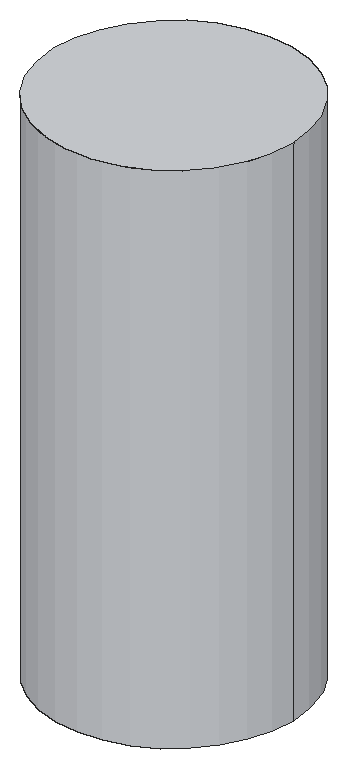
Revit family "CVC_Ballon-tampon_Weishaupt_WES-1000-WP-B", category Equipement de génie climatique, Revit 2026
Family settings
  Cote de connecteur circulaire = Utiliser le diamètre
  Type d'élément = Normal
  Basée sur le plan de construction = Non
  Toujours verticalement = Oui
  Couper avec des vides une fois chargée = Non
  Conserver l'orientation des annotations = Non
  Partagée = Non
  Repère de localisation dans la pièce = Non
Parameters (values of type "Standard")
  Modèle = "WES 1000 WP/B"
  Fabricant = "Weishaupt"
  Elévation par défaut = 0 mm
  Description = "Ballon tampon 1000 L (CCTP lot 12 Â§ 4.3)"
  Commentaires du type = "Famille simplifiee : diametre 990 mm isole, hauteur 2135 mm (donnees Weishaupt / Loebbeshop)"
Reference planes
  plane 1 "Centre (avant/arrière)": y = 0
  plane 2: z = 0
  plane 3 "Centre (gauche/droite)": x = 0
Forms (mm)
  Extrusion 1, solid
    sketch origin (0, 0, 0) x (1, 0, 0) y (0, 1, 0)
      loop
        circle (0, 0) r 495
    from 0 to 2135
  Extrusion 2, solid
    sketch origin (0, 0, 2135) x (1, 0, 0) y (0, 1, 0)
      loop
        circle (-200, 0) r 25
    from 0 to 60
  Extrusion 3, solid
    sketch origin (0, 0, 2135) x (1, 0, 0) y (0, 1, 0)
      loop
        circle (200, 0) r 25
    from 0 to 60
Dimensions and locks
  aligned and locked: level to plane 2
Connectors
  piping at (-200, 0, 2195), diameter 50
    settings: on Extrusion 2, index 1, connector inside diameter 609.6 mm, connector length 0 mm, flow factor 0, pipe flow 0.0 L/s, pressure drop 0.0 Pa, fitting loss kfactor 0, connector angle 0.00°, fixture units 0, engagement length 0 mm, angle of deflection 0.00°, flow configuration 0, flow direction 0, fitting loss method 0, system type 7, joint type 0, gender type 0, connector reference index -1, connector utility 0, adjustable connector no, is connector primary yes, connector description "Depart"
  piping at (200, 0, 2195), diameter 50
    settings: on Extrusion 3, index 2, connector inside diameter 609.6 mm, connector length 0 mm, flow factor 0, pipe flow 0.0 L/s, pressure drop 0.0 Pa, fitting loss kfactor 0, connector angle 0.00°, fixture units 0, engagement length 0 mm, angle of deflection 0.00°, flow configuration 0, flow direction 0, fitting loss method 0, system type 8, joint type 0, gender type 0, connector reference index -1, connector utility 0, adjustable connector no, is connector primary no, connector description "Retour"
